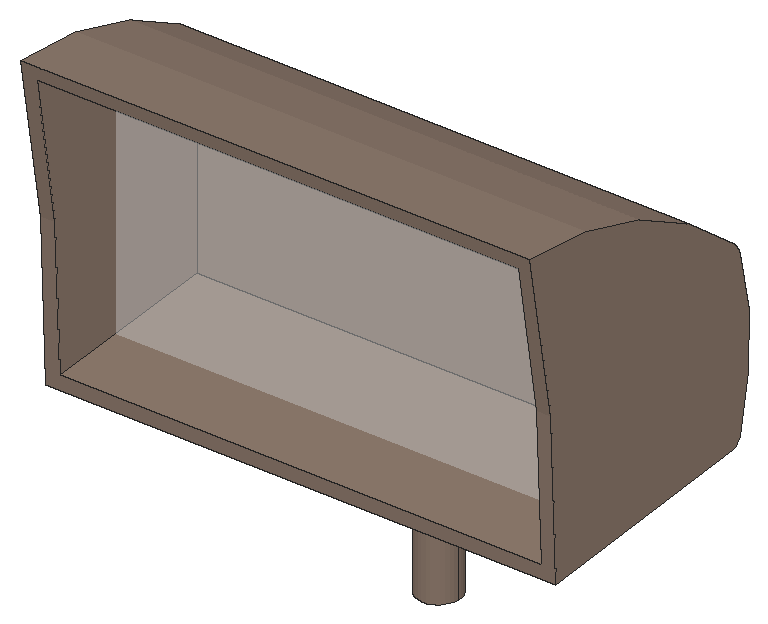
Revit family "FSL", category Lighting Fixtures, host Face, Revit 2021
Family settings
  Host = Face
  Round Connector Dimension = Use Diameter
  Part Type = Normal
  OmniClass Number = 23.80.70.14.14
  OmniClass Title = Exterior Floodlights
  Cut with Voids When Loaded = No
  Light Source = No
  Shared = Yes
  Room Calculation Point = No
Parameters (values of type "FSL")
  Voltage = 120 V
  URL = "https://www.currentlighting.com/exo"
  Total Input Wattage = 25 W
  Tilt Angle = 0.00°
  Stand = Bronze
  Product Page URL = ""
  Product Documentation Link = ""
  Pivot calc. = 89.00° + Pivot Angle + 1.00°  # 90.00°
  Pivot Angle = Tilt Angle  # 0.00°
  Photometric Web = Web ARF1 : ARF1-K-10L5K-070-W-U-DB
  Model = "FSL 10 LED Floodlight"  # constant formula
  Manufacturer = "EXO"  # constant formula
  Lens = White Glass
  Finish = Bronze
  Description = "Office buildings, monuments, facades, columns, flag poles, bridges, commercial, mixed retail, apartments, schools and campuses"  # constant formula
  Default Elevation = 48.000"
  Apparent Load = 0 VA
Reference planes (in)
  plane 1 "Center (Front/Back)": y = 0
  plane 2: z = 0
  plane 3 "Center (Left/Right)": x = 0
  plane 4: z = 2
  plane 5: z = 2
  plane 6: x = 0.5
  plane 7: y = -0.5
  plane 8: y = 0.5
Forms (in)
  Extrusion 1, solid, material "Bronze" <- "Stand"
    sketch origin (0, 0, 0) x (0, 1, 0) y (0, 0, 1)
      loop
        circle (0, 2) r 0.6
    from 0 to 0.5
  Extrusion 2, solid, material "Bronze" <- "Stand"
    sketch origin (0, 0, 0) x (1, 0, 0) y (0, 1, 0)
      loop
        circle (0, 0) r 0.3
    from 0 to 2
  Extrusion 3, void
    sketch origin (0, 0, 0) x (1, 0, 0) y (0, 0, 1)
      loop
        line (-0.3, 2) -> (-0.3, 0.91434) -> (0, 1.30498) -> (0, 2) -> (-0.3, 2)
    from -0.5 to 0.5
Cuts and joins
  Extrusion 3 cuts Extrusion 1
  Extrusion 3 cuts Extrusion 2
  joined: Extrusion 1, Extrusion 2
Lines and regions (in)
  reference lines
    curve 1: line (0, 0, 2) -> (0, 0, 0.50316)
Dimensions and locks (in)
  locked: plane 4 to plane 2 at 2
  locked: plane 6 to plane 3 "Center (Left/Right)" at 0.5
  equal spacing: plane 7, plane 1 "Center (Front/Back)", plane 8
  locked: plane 1 "Center (Front/Back)" to plane 8 at 0.5
  locked: curve 1 to plane 5 (angle 90.00°)
  "Pivot calc.": angle plane 1 "Center (Front/Back)" to plane 5
  aligned and locked: plane 2 to host face
  aligned and locked: level to host face
  aligned and locked: plane 1 "Center (Front/Back)" to curve 1
  aligned and locked: plane 5 to curve 1
  aligned and locked: plane 3 "Center (Left/Right)" to nested 1
  aligned and locked: nested 1 to curve 1
  aligned and locked: nested 1 to plane 5
  aligned and locked: Extrusion 1 sketch curve to nested 1
  aligned and locked: Extrusion 1 to plane 3 "Center (Left/Right)"
  aligned and locked: plane 6 to Extrusion 1
  aligned and locked: Extrusion 2 to plane 2
  aligned and locked: plane 4 to Extrusion 2
  aligned and locked: Extrusion 3 sketch curve to Extrusion 2  (x2)
  aligned and locked: Extrusion 3 sketch curve to plane 3 "Center (Left/Right)"
  aligned and locked: plane 8 to Extrusion 3
  aligned and locked: Extrusion 3 to plane 7
  aligned and locked: nested 2 to nested 1  (x2)
  aligned and locked: Extrusion 2 to host face
Automatic sketch dimensions
  host sketch curve to host sketch curve = 96.000"  (x2)
  Extrusion 1 sketch curve to Extrusion 1 sketch curve = 0.000"
  Extrusion 1 sketch curve to plane 5 = 0.000"  (x2)
  Extrusion 3 sketch curve to plane 4 = 0.69502"
  Extrusion 3 sketch curve to Extrusion 3 sketch curve = 0.39064"
  plane 1 "Center (Front/Back)" to Extrusion 2 sketch curve = 0.000"
  Extrusion 2 sketch curve to plane 3 "Center (Left/Right)" = 0.000"
  radius of Extrusion 2 sketch curve = 0.300"
Nested families (in)
  nested 1: "ARF1 Architectural 10 LED Floodlight" at (0, 0, 0), Finish <- "Finish", Lens <- "Lens", type "ARF1 Architectural 10 LED Floodlight"
    with Lens White Glass, Finish Bronze
  nested 2: "Web ARF1" at (-0.23896, -1.5, 4.78999) x (-1, 0, 0) z (0, -1, 0), type <- "Photometric Web", type "ARF1-K-10L5K-070-W-U-DB"
Connectors (in)
  electrical at (0, 0, 0), driven by "Voltage", driven by "Description"
    settings: on cut or joined group of Extrusion 1, Extrusion 2, Extrusion 3, index 1, voltage 120 V, apparent load 0 VA, apparent load phase1 0 VA, apparent load phase2 0 VA, apparent load phase3 0 VA, power factor 1, load classification "Other", number of poles 1, system type 30, power factor state 1, is connector primary yes, connector utility no, sub classification motor no, connector description "Office buildings, monuments, facades, columns, flag poles, bridges, commercial, mixed retail, apartments, schools and campuses"
Definition of nested family "ARF1 Architectural 10 LED Floodlight"
  Parameters
    URL = "http://www.spauldinglighting.com/"
    Product Page URL = ""
    Product Documentation Link = ""
    Manufacturer Phone = "(864)-678-1000"  # constant formula
    Manufacturer Fax = "(866)-898-1065"  # constant formula
    Manufacturer = "Spaulding Lighting"  # constant formula
    Lens [instance] = none
    Finish [instance] = none
    Default Elevation = 48.000"
  Reference planes (in)
    plane 1 "Center (Front/Back)": y = 0
    plane 2: z = 0
    plane 3 "Center (Left/Right)": x = 0
    plane 4: z = 2
    plane 5: y = 1.03
    plane 6: y = -3
    plane 7: x = -3.745
    plane 8: x = 3.745
    plane 9: z = 7
    plane 10: x = -0.5
    plane 11: z = 2.5
    plane 12: x = -3.545
    plane 13: x = 3.545
    plane 14: y = -1.5
    plane 15: y = -1.35
    plane 16: z = 4.75
  Forms (in)
    Extrusion 1, solid, material <- "Finish"
      sketch origin (0, 0, 0) x (0, 1, 0) y (0, 0, 1)
        loop
          arc (-0.6, 2) -> (0, 1.4) -> (0.6, 2) r 0.6
          line (0.6, 2) -> (0.6, 2.8592) -> (-0.6, 2.8592) -> (-0.6, 2)
      from -0.5 to 0
    Extrusion 2, solid, material <- "Finish"
      sketch origin (0, 0, 0) x (0, 1, 0) y (0, 0, 1)
        loop
          line (-3, 7) -> (-3, 2.5)
          arc (-3, 2.5) -> (-1.12884, 2.6136) -> (0.72835, 2.86852) r 24.74481
          arc (0.72835, 2.86852) -> (0.80667, 2.90643) -> (0.85341, 2.97983) r 0.15938
          arc (0.85341, 2.97983) -> (1.03087, 4.1833) -> (0.85871, 5.38755) r 4.23279
          arc (0.85871, 5.38755) -> (0.81219, 5.49153) -> (0.73969, 5.57942) r 0.42475
          arc (0.73969, 5.57942) -> (-0.99225, 6.65274) -> (-3, 7) r 5.34532
      from -3.745 to 3.745
    Extrusion 3, void
      sketch origin (0, 0, 0) x (0, 1, 0) y (0, 0, 1)
        loop
          arc (0, 5.91254) -> (-1.43092, 6.58979) -> (-3, 6.79996) r 5.14532
          line (-3, 6.79996) -> (-3, 2.70005)
          arc (-3, 2.70005) -> (-1.49611, 2.78077) -> (0, 2.95356) r 24.54481
          line (0, 2.95356) -> (0, 5.91254)
      from -3.545 to 3.545
    Extrusion 4, void
      sketch origin (0, 0, 0) x (0, 1, 0) y (0, 0, 1)
        loop
          arc (-2.52703, 2.5) -> (-2.61529, 4.76558) -> (-3, 7) r 17.24503
          line (-3, 7) -> (-3.27403, 7) -> (-3.27403, 2.5) -> (-2.52703, 2.5)
      from -3.745 to 3.745
    Extrusion 5, solid, material <- "Lens"
      sketch origin (0, 0, 0) x (0, 1, 0) y (0, 0, 1)
        loop
          arc (-1.5, 2.78044) -> (-1.42499, 2.78688) -> (-1.35, 2.79355) r 24.54481
          line (-1.35, 2.79355) -> (-1.35, 6.56512)
          arc (-1.35, 6.56512) -> (-1.42483, 6.58798) -> (-1.5, 6.6097) r 5.14532
          line (-1.5, 6.6097) -> (-1.5, 2.78044)
      from -3.545 to 3.545
  Cuts and joins
    Extrusion 3, Extrusion 4 cuts Extrusion 1
    Extrusion 3, Extrusion 4 cuts Extrusion 2
    joined: Extrusion 1, Extrusion 2
  Lines and regions (in)
    reference lines
      curve 1: line (0, 0, 2) -> (0, 1.34819, 1.34244)
      curve 2: line (0, -4, 4.75) -> (0, 2.75, 4.75)
  Dimensions and locks (in)
    locked: plane 4 to plane 2 at 2
    locked: plane 6 to plane 5 at 4.03
    locked: plane 1 "Center (Front/Back)" to plane 5 at 1.03
    equal spacing: plane 8, plane 3 "Center (Left/Right)", plane 7
    locked: plane 8 to plane 7 at 7.49
    plane 3 "Center (Left/Right)" to plane 10 = 0.500"
    locked: plane 11 to plane 4 at 0.5
    locked: plane 9 to plane 11 at 4.5
    equal spacing: plane 13, plane 3 "Center (Left/Right)", plane 12
    locked: plane 12 to plane 7 at 0.2
    locked: plane 14 to plane 1 "Center (Front/Back)" at 1.5
    locked: plane 14 to plane 15 at 0.15
    equal spacing: plane 9, plane 16, plane 11
    locked: plane 4 to Extrusion 1 sketch curve at 0.8592
    equal spacing: cut or joined group of Extrusion 1, Extrusion 2, Extrusion 3, Extrusion 4, plane 1 "Center (Front/Back)", cut or joined group of Extrusion 1, Extrusion 2, Extrusion 3, Extrusion 4, locked at 0.6 each
    locked: plane 9 to Extrusion 2 sketch curve at 1.42058
    locked: Extrusion 2 sketch curve to Extrusion 2 sketch curve at 2.71092
    locked: Extrusion 4 sketch curve to plane 6 at 0.27403
    aligned and locked: plane 2 to level
    aligned and locked: Extrusion 1 to plane 10
    aligned and locked: plane 3 "Center (Left/Right)" to Extrusion 1
    aligned and locked: Extrusion 2 sketch curve to plane 6
    aligned and locked: Extrusion 2 to plane 7
    aligned and locked: plane 8 to Extrusion 2
    aligned and locked: Extrusion 3 to plane 12
    aligned and locked: plane 13 to Extrusion 3
    aligned and locked: plane 11 to Extrusion 4 sketch curve
    aligned and locked: Extrusion 4 sketch curve to plane 9
    aligned and locked: Extrusion 4 to plane 7
    aligned and locked: plane 8 to Extrusion 4
    aligned and locked: plane 14 to Extrusion 5 sketch curve
    aligned and locked: Extrusion 5 sketch curve to plane 15
    aligned and locked: Extrusion 5 sketch curve to cut or joined group of Extrusion 1, Extrusion 2, Extrusion 3, Extrusion 4  (x2)
    aligned and locked: cut or joined group of Extrusion 1, Extrusion 2, Extrusion 3, Extrusion 4 to Extrusion 5  (x2)
    aligned and locked: curve 2 to plane 16
    aligned and locked: plane 1 "Center (Front/Back)" to Extrusion 3 sketch curve
    aligned and locked: Extrusion 3 sketch curve to plane 6
    aligned and locked: plane 6 to Extrusion 3 sketch curve
    aligned and locked: Extrusion 3 to Extrusion 5
    aligned and locked: plane 15 to Extrusion 5
    aligned and locked: Extrusion 5 to plane 14
  Automatic sketch dimensions
    Extrusion 1 sketch curve to plane 4 = 0.000"
    Extrusion 1 sketch curve to plane 1 "Center (Front/Back)" = 0.000"
    Extrusion 1 sketch curve to plane 5 = 0.430"
    Extrusion 2 sketch curve to plane 11 = 0.000"
    Extrusion 2 sketch curve to plane 9 = 0.000"
    Extrusion 2 sketch curve to plane 6 = 0.20191"
    plane 6 to Extrusion 2 sketch curve = 0.10958"
    Extrusion 2 sketch curve to plane 5 = 0.32929"
    Extrusion 2 sketch curve to Extrusion 2 sketch curve = 0.02764"
    Extrusion 2 sketch curve to Extrusion 2 sketch curve = 0.000"  (x4)
    Extrusion 2 sketch curve to plane 5 = 0.29031"
    Extrusion 2 sketch curve to Extrusion 2 sketch curve = 0.1527"
    Extrusion 2 sketch curve to Extrusion 2 sketch curve = 0.11902"
    plane 6 to Extrusion 3 sketch curve = 0.10958"
    Extrusion 3 sketch curve to plane 4 = 0.34419"
    plane 11 to Extrusion 3 sketch curve = 0.20005"
    plane 11 to Extrusion 3 sketch curve = 0.45356"
    Extrusion 3 sketch curve to plane 6 = 0.56285"
    Extrusion 3 sketch curve to plane 9 = 1.08746"
    Extrusion 4 sketch curve to plane 6 = 0.000"
    plane 11 to Extrusion 4 sketch curve = 0.46298"
    Extrusion 4 sketch curve to Extrusion 4 sketch curve = 16.49182"
    curve 1 to plane 1 "Center (Front/Back)" = 0.000"
    curve 1 to plane 4 = 0.000"
    curve 2 to plane 6 = 1.000"
    plane 5 to curve 1 = 0.31819"
    plane 5 to curve 2 = 1.720"
    curve 1 to plane 4 = 0.65756"
Definition of nested family "Web ARF1"
  Parameters
    Wattage Comments = ""
    Wattage = 32 W
    built-in parameter 1150110 = 1 (stored number, unit not read)
    URL = "http://www.spauldinglighting.com/"
    built-in parameter 1114217 = 1 (stored number, unit not read)
    Tilt Angle = -90.00°
    built-in parameter 1150109 = 1 (stored number, unit not read)
    built-in parameter 1150134 = 3
    built-in parameter 1150113 = 1 (stored number, unit not read)
    Product Page URL = ""
    Product Documentation Link = ""
    Photometric Web File = "ARF1-X-10L4K-070-W-U-XX.ies"
    Model = ""
    Manufacturer Phone = "(864)-678-1000"  # constant formula
    Manufacturer Fax = "(866)-898-1065"  # constant formula
    Manufacturer = "Spaulding Lighting"  # constant formula
    built-in parameter 1150105 = 206.9 (stored number, unit not read)
    Lumens = 2600 lm
    built-in parameter 1150115 = 1 (stored number, unit not read)
    built-in parameter 1150137 = (empty or 0)
    built-in parameter 1150139 = (empty or 0)
    built-in parameter 1150112 = 1 (stored number, unit not read)
    built-in parameter 1150114 = 1 (stored number, unit not read)
    Lamp = ""
    built-in parameter 1150132 = (empty or 0)
    built-in parameter 1150102 = (empty or 0)
    built-in parameter 1150107 = 3200 (stored number, unit not read)
    built-in parameter 1150138 = (empty or 0)
    built-in parameter 1150106 = 2.069 (stored number, unit not read)
    built-in parameter 1150104 = 7.5484 (stored number, unit not read)
    Dimming Lamp Color Temperature Shift = (empty or 0)
    Description = ""
    Default Elevation = 48.000"
    Color Filter = 16777215
    built-in parameter 1114218 = 1 (stored number, unit not read)
    built-in parameter 1150133 = 10 (stored number, unit not read)
  Reference planes (in)
    plane 1 "Center (Front/Back)": y = 0.03999
    plane 2: z = 0
    plane 3 "Center (Left/Right)": x = -0.23896
  Forms (in)
    Extrusion 1, solid
      sketch origin (0, 0, 0.06357) x (1, 0, 0) y (0, 1, 0)
        loop
          line (-48, 48) -> (-48, -48) -> (48, -48) -> (48, 48) -> (-48, 48)
      from -0.06357 to -17.74365
  Lines and regions (in)
    reference lines
      curve 1: line (-0.23896, 0.03999, 18.11448) -> (-0.23896, 0.03999, -22.88552)
      curve 2: line (-0.23896, 0.03999, 34) -> (-0.23896, 0.03999, -22.88552)
  Dimensions and locks (in)
    aligned and locked: plane 2 to Extrusion 1
    aligned and locked: level to Extrusion 1
    aligned and locked: curve 1 to plane 3 "Center (Left/Right)"
    aligned and locked: plane 1 "Center (Front/Back)" to curve 2
    aligned and locked: imposter light to plane 1 "Center (Front/Back)"
